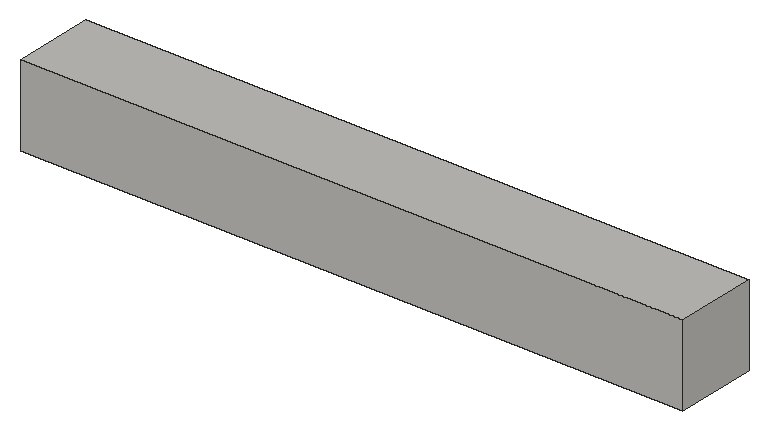
Revit family "Curb_Solid_NobleCompany", category Specialty Equipment, host Face, Revit 2014
Parameters (values of type "1 Sided")
  Width [instance] = 32 1/2"
  URL = "www.noblecompany.com"
  Type Comments = ""
  Radius = 15 1/2"
  Product Properties = "http://www.noblecompany.com/Portals/0/PRODUCT%20INFO/Product%20Descriptions/FreeStyle%20Linear%20Drain%20Product%20Decription%200410.pdf"
  Product Data = "http://www.noblecompany.com/Products/ShowerProducts/tabid/59/Default.aspx"
  Model = "Preformed Curb"
  Manufacturer Phone - Toll Free = "800-878-5788"
  Manufacturer Phone = "231-799-8000"
  Manufacturer Fax = "231-799-8850"
  Manufacturer Email = "mailto:sales@noblecompany.com"
  Manufacturer Address = "7300 Enterprise Drive, Spring Lake, MI  49456 USA"
  Manufacturer = "Noble Company"
  Floor Offset_Outside [instance] = 1"
  Floor Offset_Inside [instance] = 1/2"
  Det2 = no
  Depth [instance] = 32 1/2"
  Installation-Fabrication = "http://www.noblecompany.com/Portals/0/PRODUCT%20INFO/Product%20Descriptions/FreeStyle%20Linear%20Drain%20Product%20Decription%200410.pdf"
  Height = 20"
  Description = "Noble Preformed Curb"
  Building Codes = "http://www.noblecompany.com/Portals/0/TECHNICAL%20INFO/Listing_Testing_Certification_Reports/PMG-1065%20Noble%20Company%20Linear%20Drain%20final%202.pdf"
  Base = Polymer coated Expanded Polystyrene
  Assembly Code = "D2030300"
  Default Elevation = 0"
  3 Sides = no
  2 Sides = no
  1 Side = yes
Types (3): name | Type Comments | Model | Floor Offset_Outside | Floor Offset_Inside | Det2 | Description | 3 Sides | 2 Sides | 1 Side
  1 Sided | "" | "Preformed Curb" | 1" | 1/2" | no | "Noble Preformed Curb" | no | no | yes
  2 Sided | "" | "Preformed Overlay Curb" | 1/4" | 1/4" | yes | "Noble Preformed Overlay Curb" | no | yes | no
  3 Sided | "Modify Sweep for Neo Angles and Custom Applications" | "Preformed Overlay Curb" | 1/2" | 1/4" | yes | "Noble Preformed Overlay Curb" | yes | no | no
Reference planes (in)
  plane 1 "Center (Front/Back)": y = 0
  plane 2: z = 0
  plane 3 "Center (Left/Right)": x = 0
  plane 4: x = 32.5
  plane 5: y = 32.5
  plane 6: z = 20
Forms (in)
  Sweep 1, solid, material "Polymer coated Expanded Polystyrene" <- "Base", visible <- "1 Side"
    path origin (0, 0, 0) x (1, 0, 0) y (0, 1, 0)
      loop
        line (0, 0) -> (32.5, 0)
    profile "Profle_Curb_Solid : Profle_Curb_Solid" origin (16.25, 0, 0) x (0, 1, 0) y (0, 0, 1)
      loop
        line (0, 0) -> (0, 4) -> (-4, 4) -> (-4, 0) -> (0, 0)
  Sweep 2, solid, material "Polymer coated Expanded Polystyrene" <- "Base", visible <- "2 Sides"
    path origin (0, 0, 0) x (1, 0, 0) y (0, 1, 0)
      loop
        line (0, 0) -> (32.5, 0) -> (32.5, 32.5)
    profile "Profle_Curb_Solid : Profle_Curb_Solid" origin (16.25, 0, 0) x (0, 1, 0) y (0, 0, 1)
      loop
        line (0, 0) -> (0, 4) -> (-4, 4) -> (-4, 0) -> (0, 0)
  Sweep 3, solid, material "Polymer coated Expanded Polystyrene" <- "Base", visible <- "3 Sides"
    path origin (0, 0, 0) x (1, 0, 0) y (0, 1, 0)
      loop
        line (0, 0) -> (32.5, 0) -> (32.5, 32.5) -> (0, 32.5)
    profile "Profle_Curb_Solid : Profle_Curb_Solid" origin (16.25, 0, 0) x (0, 1, 0) y (0, 0, 1)
      loop
        line (0, 0) -> (0, 4) -> (-4, 4) -> (-4, 0) -> (0, 0)
Dimensions and locks (in)
  "Height": plane 6 to level
  "Width": plane 3 "Center (Left/Right)" to plane 4
  "Depth": plane 5 to plane 1 "Center (Front/Back)"
  aligned and locked: plane 2 to host face
  aligned and locked: level to host face
  aligned and locked: plane 1 "Center (Front/Back)" to Sweep 1 sketch curve
  aligned and locked: plane 3 "Center (Left/Right)" to Sweep 1 sketch curve
  aligned and locked: plane 4 to Sweep 1 sketch curve
  aligned and locked: plane 3 "Center (Left/Right)" to Sweep 2 sketch curve
  aligned and locked: plane 5 to Sweep 2 sketch curve
  aligned and locked: plane 4 to Sweep 2 sketch curve
  aligned and locked: plane 1 "Center (Front/Back)" to Sweep 2 sketch curve
  aligned and locked: plane 3 "Center (Left/Right)" to Sweep 3 sketch curve  (x2)
  aligned and locked: plane 1 "Center (Front/Back)" to Sweep 3 sketch curve
  aligned and locked: plane 4 to Sweep 3 sketch curve
  aligned and locked: plane 5 to Sweep 3 sketch curve
  aligned and locked: nested 1 to level
  aligned and locked: plane 4 to nested 1
  aligned and locked: plane 5 to nested 2
  aligned and locked: nested 2 to level
  aligned and locked: nested 3 to plane 1 "Center (Front/Back)"
  aligned and locked: level to nested 3
Automatic sketch dimensions
  host sketch curve to host sketch curve = 56 1/2"
  host sketch curve to host sketch curve = 49.54642"
Nested families (in)
  nested 1: "Detail_Curb_Solid" at (32.5, 0, 0) x (1, 0, 0) z (0, -1, 0), visible <- "Det2", type "Detail_Curb_Solid"
  nested 2: "Detail_Curb_Solid" at (0, 32.5, 0) x (0, 1, 0) z (1, 0, 0), visible <- "3 Sides", type "Detail_Curb_Solid"
  nested 3: "Detail_Curb_Solid" at (0, 0, 0) x (0, -1, 0) z (1, 0, 0), type "Detail_Curb_Solid"
Definition of nested family "Detail_Curb_Solid"
  Parameters (values of type "Detail_Curb_Solid")
    Floor Offset_Shower Side = 1"
    Floor Offset_Outside = 1/2"
  Reference planes (in)
    plane 1 "Center (Front/Back)": y = 0
    plane 2: z = 0
    plane 3 "Center (Left/Right)": x = 0
    plane 4: y = 4
    plane 5: x = 4
  Lines and regions (in)
    Filled region 1, type "Concrete", in view "Ref. Level"
      outline origin (0.125, 0.375, 0) x (1, 0, 0) y (0, 1, 0)
        loop
          line (-0.125, 3.625) -> (-0.125, -0.375) -> (3.875, -0.375) -> (3.875, 3.625) -> (-0.125, 3.625)
    Filled region 2, type "Solid", in view "Ref. Level"
      outline origin (0, 0, 0) x (1, 0, 0) y (0, 1, 0)
        loop
          line (0, 0) -> (0, 4) -> (4, 4) -> (4, 0) -> (6, 0) -> (6, 0.0625) -> (4.0625, 0.0625) -> (4.0625, 4.0625) -> (-0.0625, 4.0625) -> (-0.0625, 0.0625) -> (-1.99439, 0.0625) -> (-1.99439, 0) -> (0, 0)
    detail lines, in view "Ref. Level"
      curve 1: arc (4.0625, 3.875, 0) -> (4.1875, 3.75, 0) -> (4.0625, 3.625, 0) r 0.125
      curve 2: arc (4.0625, 3.375, 0) -> (4.1875, 3.25, 0) -> (4.0625, 3.125, 0) r 0.125
      curve 3: arc (4.0625, 2.875, 0) -> (4.1875, 2.75, 0) -> (4.0625, 2.625, 0) r 0.125
      curve 4: arc (4.0625, 2.375, 0) -> (4.1875, 2.25, 0) -> (4.0625, 2.125, 0) r 0.125
      curve 5: arc (4.0625, 1.875, 0) -> (4.1875, 1.75, 0) -> (4.0625, 1.625, 0) r 0.125
      curve 6: arc (4.0625, 1.50349, 0) -> (4.1875, 1.37849, 0) -> (4.0625, 1.25349, 0) r 0.125
      curve 7: arc (4.0625, 1.00349, 0) -> (4.1875, 0.87849, 0) -> (4.0625, 0.75349, 0) r 0.125
      curve 8: arc (4.0625, 0.625, 0) -> (4.1875, 0.5, 0) -> (4.0625, 0.375, 0) r 0.125
      curve 9: arc (0.875, 4.0625, 0) -> (0.75, 4.1875, 0) -> (0.625, 4.0625, 0) r 0.125
      curve 10: arc (1.375, 4.0625, 0) -> (1.25, 4.1875, 0) -> (1.125, 4.0625, 0) r 0.125
      curve 11: arc (1.875, 4.0625, 0) -> (1.75, 4.1875, 0) -> (1.625, 4.0625, 0) r 0.125
      curve 12: arc (2.375, 4.0625, 0) -> (2.25, 4.1875, 0) -> (2.125, 4.0625, 0) r 0.125
      curve 13: arc (2.875, 4.0625, 0) -> (2.75, 4.1875, 0) -> (2.625, 4.0625, 0) r 0.125
      curve 14: arc (3.375, 4.0625, 0) -> (3.25, 4.1875, 0) -> (3.125, 4.0625, 0) r 0.125
      curve 15: arc (3.875, 4.0625, 0) -> (3.75, 4.1875, 0) -> (3.625, 4.0625, 0) r 0.125
      curve 16: arc (-0.0625, 3.875, 0) -> (-0.1875, 3.75, 0) -> (-0.0625, 3.625, 0) r 0.125
      curve 17: arc (-0.0625, 3.375, 0) -> (-0.1875, 3.25, 0) -> (-0.0625, 3.125, 0) r 0.125
      curve 18: arc (-0.0625, 2.875, 0) -> (-0.1875, 2.75, 0) -> (-0.0625, 2.625, 0) r 0.125
      curve 19: arc (-0.0625, 2.375, 0) -> (-0.1875, 2.25, 0) -> (-0.0625, 2.125, 0) r 0.125
      curve 20: arc (-0.0625, 1.875, 0) -> (-0.1875, 1.75, 0) -> (-0.0625, 1.625, 0) r 0.125
      curve 21: arc (-0.0625, 1.50349, 0) -> (-0.1875, 1.37849, 0) -> (-0.0625, 1.25349, 0) r 0.125
      curve 22: arc (-0.0625, 1.00349, 0) -> (-0.1875, 0.87849, 0) -> (-0.0625, 0.75349, 0) r 0.125
      curve 23: arc (-0.0625, 0.625, 0) -> (-0.1875, 0.5, 0) -> (-0.0625, 0.375, 0) r 0.125
      curve 24: arc (0.375, 4.0625, 0) -> (0.25, 4.1875, 0) -> (0.125, 4.0625, 0) r 0.125
      curve 25: line (-0.1875, 0.12638, 0) -> (-0.1875, 4.1875, 0)
      curve 26: line (4.375, 4.1875, 0) -> (-0.375, 4.1875, 0)
      curve 27: line (4.1875, 0.12638, 0) -> (4.1875, 4.1875, 0)
      curve 28: line (-0.375, 0.12638, 0) -> (-0.375, 4.125, 0)
      curve 29: line (4.25, 4.375, 0) -> (2.03197, 4.375, 0)
      curve 30: line (4.375, 0.12638, 0) -> (4.375, 4.125, 0)
      curve 31: arc (-0.375, 4.24856, 0) -> (-0.33797, 4.33797, 0) -> (-0.24856, 4.375, 0) r 0.12644
      curve 32: arc (4.375, 4.25, 0) -> (4.33839, 4.33839, 0) -> (4.25, 4.375, 0) r 0.125
      curve 33: line (1.96947, 4.375, 0) -> (1.96947, 4.1875, 0)
      curve 34: line (2.03197, 4.375, 0) -> (2.03197, 4.1875, 0)
      curve 35: arc (2.03197, 4.375, 0) -> (2.00072, 4.3636, 0) -> (1.96947, 4.375, 0) r 0.04852
      curve 36: line (1.96947, 4.375, 0) -> (-0.24856, 4.375, 0)
      curve 37: line (-0.375, 4.24856, 0) -> (-0.375, 4.1875, 0)
      curve 38: line (-0.375, 4.125, 0) -> (-0.1875, 4.125, 0)
      curve 39: arc (-0.375, 4.1875, 0) -> (-0.36616, 4.15625, 0) -> (-0.375, 4.125, 0) r 0.05964
      curve 40: line (-0.375, 0.12638, 0) -> (-0.1875, 0.12638, 0)
      curve 41: line (4.375, 0.12638, 0) -> (4.1875, 0.12638, 0)
      curve 42: line (4.375, 4.25, 0) -> (4.375, 4.1875, 0)
      curve 43: line (4.375, 4.125, 0) -> (4.1875, 4.125, 0)
      curve 44: arc (4.375, 4.1875, 0) -> (4.36616, 4.15625, 0) -> (4.375, 4.125, 0) r 0.05964
      curve 45: arc (-0.375, 0.12638, 0) -> (-0.36616, 0.09513, 0) -> (-0.375, 0.06388, 0) r 0.05964
      curve 46: arc (4.375, 0.12638, 0) -> (4.36616, 0.09513, 0) -> (4.375, 0.06388, 0) r 0.05964
  Dimensions and locks (in)
    plane 1 "Center (Front/Back)" to plane 4 = 4"
    plane 3 "Center (Left/Right)" to plane 5 = 4"
    locked: plane 1 "Center (Front/Back)" to Filled region 2 sketch curve at 0.0625  (x2)
    locked: plane 5 to Filled region 2 sketch curve at 0.0625
    locked: Filled region 2 sketch curve to plane 4 at 0.0625
    locked: Filled region 2 sketch curve to plane 3 "Center (Left/Right)" at 0.0625
    locked: Filled region 2 sketch curve to plane 3 "Center (Left/Right)" at 1.99439
    locked: plane 5 to Filled region 2 sketch curve at 2
    aligned and locked: Filled region 1 sketch curve to plane 5
    aligned and locked: Filled region 1 sketch curve to plane 4
    aligned and locked: Filled region 2 sketch curve to plane 4
    aligned and locked: Filled region 2 sketch curve to plane 5
    aligned and locked: plane 3 "Center (Left/Right)" to Filled region 2 sketch curve
    aligned and locked: plane 1 "Center (Front/Back)" to Filled region 2 sketch curve  (x2)
    aligned and locked: Filled region 1 sketch curve to plane 1 "Center (Front/Back)"
